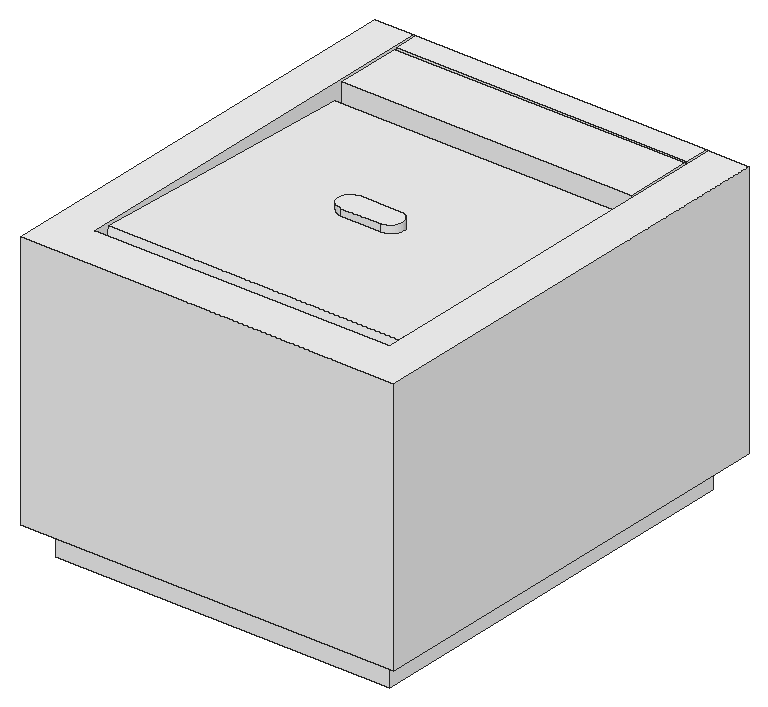
Revit family "Gira_011330", category Electrical Fixtures, host Face, Revit 2017
Family settings
  Host = Face
  Maintain Annotation Orientation = Yes
  Round Connector Dimension = Use Diameter
  Part Type = Normal
  Cut with Voids When Loaded = No
  Shared = No
  Room Calculation Point = No
Parameters (values of type "Wipp-Kontroll Aus 3-p BSF WG AP Grau")
  Zusammenstellung = "Basiselement mit Komplettgehäuse"
  White [instance] = White
  Werkstoffgüte = "sonstige"
  Werkstoff = "sonstige"
  Waschmaschinenschalter = "No"
  URL = "http://katalog.gira.de/de_DE/datenblatt.html?artikelnr=011330"
  Textfeld/Beschriftungsfläche = "ja"
  Tastschalter = "No"
  Schaltungsart = "Schalter 3-polig"
  Rückmeldekontakt = "No"
  Region = "DE"
  Oberfläche = "sonstige"
  Nennspannung = "250 Volt"
  Name = "Wipp-Kontroll Aus 3-p BSF WG AP Grau"
  Montageart = "auf Putz"
  Manufacturer URL = "https://www.gira.de/"
  HeinzeBIM = "https://bimportal.heinze.de/bim/wipp-kontroll-aus-3-p-bsf-wg-ap-grau/f47a7b1761bdb857dd36c17b8c84dbbe579c1cf9"
  Halogenfrei = "No"
  HAN = "011330"
  Geeignet für Schutzart (IP) = "IP44"
  GTIN = "4010337113300"
  Farbe = "grau"
  Default Elevation = 1219.2 mm
  Data sheet (1) = "https://katalog.gira.de/de_DE/download.html?artikelnr=011330"
  Category = "Installationsschalter"
  Bemessungsstrom = "10 Ampere"
  Beleuchtungsfunktion = "beleuchtet wenn eingeschaltet"
  Beleuchtungsart = "Glimmlampe"
  Beleuchtung = "ja"
  Befestigungsart = "Schraubbefestigung"
  Bedienungsart = "Wippe/Taste"
  Available = "Yes"
  Anzahl der Module (bei Modulbauweise) = "1 "
  Anzahl der Betätigungswippen = "1 "
  Anschlussart = "Schraubklemme"
Reference planes
  plane 1 "Center (Front/Back)": y = 0
  plane 2: z = 0
  plane 3 "Center (Left/Right)": x = 0
  plane 4: x = 30
  plane 5: x = -30
  plane 6: z = 41.4
Forms (mm)
  Extrusion 1, solid, material "White" <- "White", detail levels medium+fine
    sketch origin (0, 0, 0) x (1, 0, 0) y (0, 1, 0)
      loop
        line (-34, 41) -> (-34, -41) -> (34, -41) -> (34, 41) -> (-34, 41)
    from 0 to -6.2
  Extrusion 2, solid, material "White" <- "White", detail levels medium+fine
    sketch origin (0, 0, 0) x (1, 0, 0) y (0, 1, 0)
      loop
        line (-38, 45) -> (-38, -45) -> (38, -45) -> (38, 45) -> (-38, 45)
    from 0 to 52.4
  Extrusion 3, void
    sketch origin (0, 0, 0) x (1, 0, 0) y (0, 0, 1)
      loop
        line (-30, 59.413) -> (-30, 41.4) -> (30, 41.4) -> (30, 59.413) -> (-30, 59.413)
    from 36 to -113.06
  Extrusion 4, solid, material "White" <- "White", detail levels medium
    sketch origin (225, 0, 0) x (1, 0, 0) y (0, 1, 0)
      loop
        line (-254.5, 44.5) -> (-254.5, -35.5) -> (-195.5, -35.5) -> (-195.5, 44.5) -> (-254.5, 44.5)
    from 41.4 to 52.4
  Extrusion 5, solid, material "White" <- "White", detail levels fine
    sketch origin (0, 0, 0) x (1, 0, 0) y (0, 1, 0)
      loop
        line (-29.5, 45) -> (-29.5, 40) -> (29.5, 40) -> (29.5, 45) -> (-29.5, 45)
    from 41.4 to 52.4
  Extrusion 6, solid, material "White" <- "White", detail levels fine
    sketch origin (0, 0, 0) x (1, 0, 0) y (0, 1, 0)
      loop
        line (29.5, 39.5) -> (-29.5, 39.5) -> (-29.5, 26) -> (29.5, 26) -> (29.5, 39.5)
    from 41.4 to 52.4
  Extrusion 7, solid, material "White" <- "White", detail levels fine
    sketch origin (0, 0, 0) x (1, 0, 0) y (0, 1, 0)
      loop
        arc (-4, -1) -> (-6.5, -3.5) -> (-4, -6) r 2.5
        line (-4, -6) -> (4, -6)
        arc (4, -6) -> (6.5, -3.5) -> (4, -1) r 2.5
        line (4, -1) -> (-4, -1)
    from 41.4 to 52.4
  Extrusion 8, solid, material "White" <- "White", detail levels coarse
    sketch origin (0, 0, 0) x (1, 0, 0) y (0, 1, 0)
      loop
        line (-38, 46) -> (-38, -45) -> (38, -45) -> (38, 46) -> (-38, 46)
    from -6.2 to 52.4
  Extrusion 9, solid, material "White" <- "White", detail levels medium+fine
    sketch origin (0, 0, 0) x (1, 0, 0) y (0, 0, 1)
      loop
        circle (0, 14) r 3.6
    from -46 to -45
  Extrusion 10, solid, material "White" <- "White", detail levels fine
    sketch origin (0, 0, 0) x (0, 1, 0) y (0, 0, 1)
      loop
        line (-36, 41.4) -> (26, 41.4) -> (24.38, 49.736) -> (-33.115, 52.169) -> (-36, 41.4)
    from -29.5 to 29.5
Cuts and joins
  Extrusion 3 cuts Extrusion 2
Dimensions and locks
  aligned and locked: plane 2 to host face
  aligned and locked: level to host face
  aligned and locked: plane 3 "Center (Left/Right)" to nested 1
  aligned and locked: plane 1 "Center (Front/Back)" to nested 1
Nested families
  nested 1: "Schalter" at (0, 0, 0), type "Schalter"
Connectors
  electrical at (0, 0, -6.2)
    settings: on Extrusion 1, index 1, voltage 224 V, apparent load 0 VA, apparent load phase1 0 VA, apparent load phase2 0 VA, apparent load phase3 0 VA, power factor 1, load classification "Other", number of poles 1, system type 30, power factor state 1, is connector primary yes, connector utility no, sub classification motor no, connector description ""
Definition of nested family "Schalter"
  Reference planes
    plane 1: y = 0
    plane 2: x = 0
  Lines and regions (mm)
    detail lines
      curve 1: circle (1.375, 2.778, 0) r 0.8 normal (0, 0, 1)
      curve 2: line (1.021, 2.061, 0) -> (0, 0, 0)
      curve 3: line (0, 0, 0) -> (-0.538, 0.266, 0)
  Dimensions and locks
    curve 2 to curve 2 = 2.3 mm
    curve 3 to curve 2 = 0.6 mm
    radius of curve 1 = 0.8 mm
